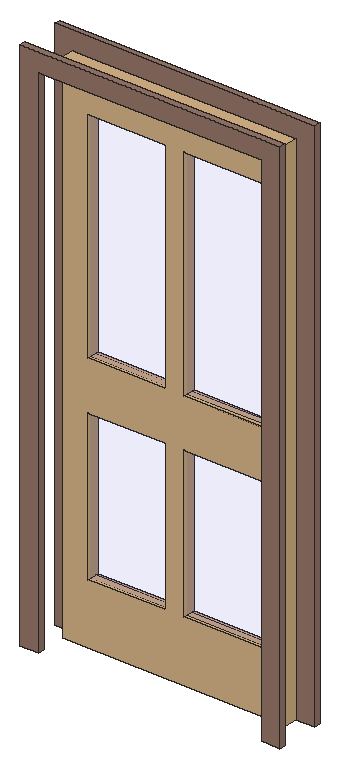
Revit family
Parameters (values of type "0915 x 2134mm")
  Thickness = 51.00 mm
  Door Material = Door - Panel
  Frame Material = Door - Frame
  Height = 2134.00 mm
  Rail Width - Base = 250.00 mm
  Rail Width - Center = 200.00 mm
  Rail Width - Top = 175.00 mm
  Stile Width = 100.00 mm
  Trim Projection Ext = 25.00 mm
  Trim Projection Int = 25.00 mm
  Trim Width = 76.00 mm
  Wall Closure = (empty or 0)
  Width = 915.00 mm
Types (7, lengths in mm): name | Height | Width
  0915 x 2134mm | 2134.00 | 915.00
  0864 x 2134mm | 2134.00 | 864.00
  0813 x 2134mm | 2134.00 | 813.00
  0762 x 2134mm | 2134.00 | 762.00
  0762 x 2032mm | 2032.00 | 762.00
  0915 x 2032mm | 2032.00 | 915.00
  0864 x 2032mm | 2032.00 | 864.00
Reference planes
  plane 1: y = 0
  plane 2: z = 0
  plane 3: x = 0
  plane 4: x = -457.5
  plane 5: x = 457.5
  plane 6: z = 2134
  plane 7: x = -357.5
  plane 8: x = 357.5
  plane 9: z = 1959
  plane 10: z = 863.6
  plane 11: z = 250
  plane 12: x = -38.1
  plane 13: x = 38.1
  plane 14: z = 1063.6
Forms (mm)
  Extrusion 1, solid, material "Door - Panel" <- "Door Material"
    sketch origin (-0.124, -219.075, 3.25) x (1, 0, 0) y (0, 0, 1)
      loop
        line (-356.827, 1957.345) -> (-356.827, 1061.741) -> (-38.1, 1061.741) -> (-38.1, 1957.345) -> (-356.827, 1957.345)
      loop
        line (38.1, 1957.345) -> (38.1, 1061.741) -> (358.173, 1061.741) -> (358.173, 1957.345) -> (38.1, 1957.345)
      loop
        line (-356.827, 861.945) -> (-356.827, 248.345) -> (-38.1, 248.345) -> (-38.1, 861.945) -> (-356.827, 861.945)
      loop
        line (38.1, 861.741) -> (38.1, 248.345) -> (358.173, 248.345) -> (358.173, 861.741) -> (38.1, 861.741)
      loop
        line (-457.5, 2132.141) -> (-457.5, -1.859) -> (457.5, -1.859) -> (457.5, 2132.141) -> (-457.5, 2132.141)
    from -295.28 to -244.28
  Extrusion 2, solid, material "Glass"
    sketch origin (1.317, 76.205, 1.515) x (1, 0, 0) y (0, 0, 1)
      loop
        line (-358.817, 1957.69) -> (-358.817, 1062.085) -> (-39.234, 1062.085) -> (-39.234, 1957.69) -> (-358.817, 1957.69)
      loop
        line (36.11, 1957.69) -> (36.11, 1062.085) -> (356.183, 1062.085) -> (356.183, 1957.69) -> (36.11, 1957.69)
      loop
        line (-358.817, 862.29) -> (-358.817, 248.69) -> (-39.234, 248.69) -> (-39.234, 862.29) -> (-358.817, 862.29)
      loop
        line (36.11, 862.085) -> (36.11, 248.69) -> (356.183, 248.69) -> (356.183, 862.085) -> (36.11, 862.085)
    from 12.7 to 38.1
  Extrusion 3, solid, material "Door - Frame" <- "Frame Material"
    sketch origin (-1524, -76.195, 0) x (1, 0, 0) y (0, 0, 1)
      loop
        line (990.5, 2210) -> (990.5, 1.391) -> (1066.376, 1.391) -> (1066.376, 2134) -> (1981.5, 2134) -> (1981.5, 0) -> (2057.5, 0) -> (2057.5, 2210) -> (990.5, 2210)
    from 0 to 25
  Extrusion 4, solid, material "Door - Frame" <- "Frame Material"
    sketch origin (-1524, 76.205, 0) x (-1, 0, 0) y (0, 0, 1)
      loop
        line (-2057.5, 2210) -> (-2057.5, 0) -> (-1981.376, 0) -> (-1981.376, 2135.391) -> (-1066.376, 2135.391) -> (-1066.376, 0) -> (-990.5, 0) -> (-990.5, 2210) -> (-2057.5, 2210)
    from 0 to 25
Lines and regions (mm)
  Opening 1
    outline origin (-1524, -76.195, 3657.6) x (0, 0, -1) y (1, 0, 0)
      loop
        line (1523.6, 1066.376) -> (3657.6, 1066.376) -> (3657.6, 1981.376) -> (1523.6, 1981.376) -> (1523.6, 1066.376)
  symbolic lines, style "DoorsPanelProjection"
    curve 1: line (457.5, 76.205, 0) -> (406.5, 76.205, 0)
    curve 2: line (457.5, 76.205, 0) -> (457.5, 991.195, 0)
    curve 3: line (457.5, 991.195, 0) -> (406.5, 991.195, 0)
    curve 4: line (406.5, 76.205, 0) -> (406.5, 991.195, 0)
  model lines, style "DoorsFrameMullionProjection"
    curve 5: line (-533.5, -76.195, 0) -> (-533.5, -76.195, 2210)
    curve 6: line (-533.5, -76.195, 2210) -> (533.5, -76.195, 2210)
    curve 7: line (533.5, -76.195, 2210) -> (533.5, -76.195, 0)
    curve 8: line (533.5, 76.205, 0) -> (533.5, 76.205, 2210)
    curve 9: line (-533.5, 76.205, 2210) -> (533.5, 76.205, 2210)
    curve 10: line (-533.5, 76.205, 2210) -> (-533.5, 76.205, 0)
  symbolic lines, style "Plan Swing"
    curve 11: arc (406.5, 991.195, 0) -> (-208.287, 705.915, 0) -> (-458.91, 76.205, 0) r 916.41
  symbolic lines, style "Elevation Swing"
    curve 12: line (-457.624, 0, 2134) -> (457.376, 0, 1067)
    curve 13: line (457.376, 0, 1067) -> (-457.624, 0, 1.391)
Dimensions and locks
  equal spacing: plane 4, plane 3, plane 5
  "Width": plane 4 to plane 5
  locked: host wall to curve 1
  "Height": plane 6 to plane 2
  "Trim Width": plane 4 to curve 5
  "Trim Width": plane 5 to curve 7
  "Trim Width": plane 6 to curve 6
  locked: curve 9 to host wall
  "Thickness": Extrusion 1 to Extrusion 1  (x2)
  "Stile Width": plane 4 to plane 7
  plane 13 to plane 12 = 76.20 mm
  "Stile Width": plane 8 to plane 5
  Extrusion 1 to Extrusion 2 to Extrusion 2 = 12.70 mm, 25.40 mm
  "Rail Width - Top": plane 9 to plane 6
  "Rail Width - Base": host wall to plane 11
  "Rail Width - Center": plane 10 to plane 14
  "Thickness": curve 4 to plane 5
  "Trim Projection Ext": Extrusion 4 to host wall
  "Trim Projection Int": Extrusion 3 to host wall
  equal spacing: plane 6, curve 13, level
  aligned and locked: plane 2 to curve 5
  aligned and locked: curve 7 to level
  aligned and locked: host wall to Extrusion 1
  aligned and locked: curve 6 to Extrusion 3 sketch curve
  aligned and locked: curve 5 to Extrusion 3 sketch curve
  aligned and locked: Extrusion 3 sketch curve to curve 7
  aligned and locked: Extrusion 4 sketch curve to curve 6
  aligned and locked: Extrusion 4 sketch curve to curve 5
  aligned and locked: Extrusion 4 sketch curve to curve 7
Automatic sketch dimensions
  level to Extrusion 1 sketch curve = 1.391 mm
  Extrusion 1 sketch curve to plane 6 = 1.391 mm
  Extrusion 1 sketch curve to plane 14 = 1.391 mm  (x2)
  Extrusion 1 sketch curve to plane 10 = 1.391 mm
  plane 4 to Extrusion 1 sketch curve = 0.124 mm
  Extrusion 1 sketch curve to plane 7 = 0.549 mm  (x2)
  Extrusion 1 sketch curve to plane 11 = 1.595 mm  (x2)
  Extrusion 1 sketch curve to plane 12 = 0.124 mm  (x2)
  Extrusion 1 sketch curve to plane 13 = 0.124 mm  (x2)
  Extrusion 1 sketch curve to plane 8 = 0.549 mm  (x2)
  plane 5 to Extrusion 1 sketch curve = 0.124 mm
  Extrusion 1 sketch curve to plane 10 = 1.595 mm
  Extrusion 1 sketch curve to plane 9 = 1.595 mm  (x2)
  Extrusion 2 sketch curve to plane 7 = 0.00 mm  (x2)
  Extrusion 2 sketch curve to plane 14 = 0.00 mm  (x2)
  Extrusion 2 sketch curve to plane 10 = 0.00 mm
  Extrusion 2 sketch curve to plane 8 = 0.00 mm  (x2)
  plane 12 to Extrusion 2 sketch curve = 0.183 mm  (x2)
  Extrusion 2 sketch curve to plane 9 = 0.205 mm  (x2)
  Extrusion 2 sketch curve to plane 13 = 0.673 mm  (x2)
  Extrusion 2 sketch curve to plane 11 = 0.205 mm  (x2)
  Extrusion 2 sketch curve to plane 10 = 0.205 mm
  Opening 1 sketch curve to plane 6 = 0.00 mm
  Opening 1 sketch curve to level = 0.00 mm
  plane 4 to Opening 1 sketch curve = 0.124 mm
  plane 5 to Opening 1 sketch curve = 0.124 mm
  Extrusion 3 sketch curve to plane 6 = 0.00 mm
  Extrusion 3 sketch curve to level = 0.00 mm
  Extrusion 3 sketch curve to plane 5 = 0.00 mm
  plane 4 to Extrusion 3 sketch curve = 0.124 mm
  level to Extrusion 3 sketch curve = 1.391 mm
  Extrusion 4 sketch curve to level = 0.00 mm  (x2)
  plane 5 to Extrusion 4 sketch curve = 0.124 mm
  plane 4 to Extrusion 4 sketch curve = 0.124 mm
  Extrusion 4 sketch curve to plane 6 = 1.391 mm
  curve 1 to plane 5 = 0.00 mm
  curve 11 to plane 5 = 0.00 mm
  plane 4 to curve 11 = 1.41 mm
  curve 11 to host wall = 0.00 mm
  curve 12 to plane 6 = 0.00 mm
  curve 8 to level = 0.00 mm
  curve 10 to level = 0.00 mm
  curve 9 to curve 5 = 0.00 mm
  plane 5 to curve 13 = 0.124 mm
  plane 4 to curve 13 = 0.124 mm
  level to curve 13 = 1.391 mm
  curve 10 to curve 5 = 0.00 mm
  plane 4 to curve 12 = 0.124 mm
  curve 8 to curve 6 = 0.00 mm
